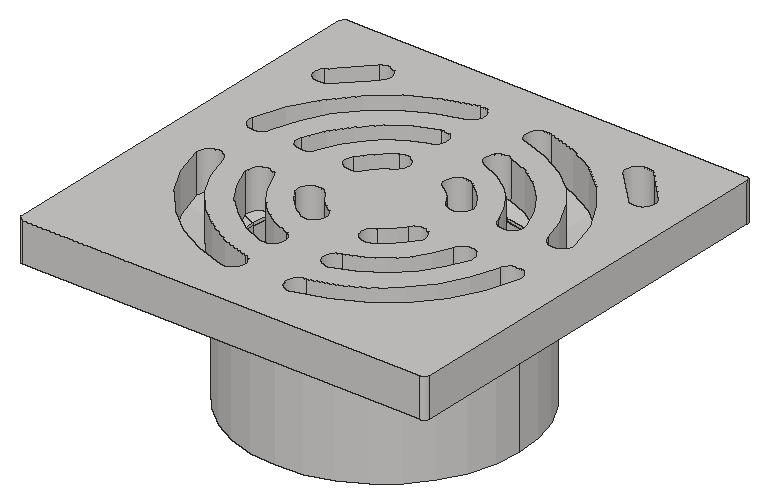
Revit family "PlumbingFixture_Grate_Galvin_G150S-Th", category Plumbing Fixtures, host Face, Revit 2011
Parameters (values of type "302745X - ST/ST 316")
  URL = "www.galvinengineering.com.au"
  Type Comments = "Square"
  StyleOrType_ANZRS = "Grate"
  ModifiedIssue_ANZRS = 20140526.01  # constant formula
  Model = "302745X - ST/ST 316"
  Manufacturer = "Galvin Engineering"
  Keynote = "10800"
  Instructions = "http://www.galvinengineering.com.au/Installation_Guides_1.aspx"
  GrateMaterial = Metal_Drains_Stainless-Steel_15400
  FilterObject_ANZRS = "GS-Th"
  OutletRadius_DoNotEdit = 50 mm
  DimTop = 150 mm  # constant formula
  DimOutlet = if(OutletRadius_DoNotEdit > 0 mm, (OutletRadius_DoNotEdit * 2), (OutletRadius_DoNotEdit * 2))  # 100 mm
  DimHeight = 66 mm  # constant formula
  DimDepth = 40 mm  # constant formula
  Description = "Square Threaded Floor Drain - Grate Assembly"
  Default Elevation = 0 mm
  CreatedBy_ANZRS = "Galvin Engineering"
  CreatedByURL_ANZRS = "www.galvinengineering.com.au"
  CreatedByPhoneNo_ANZRS = "61-8-92495900"
  Circulation_ANZRS = yes
  CHWFlow_ANZRS = 3.7 L/s
  BodyMaterial = Metal_Drains_Stainless-Steel-Threaded_15400
  Assembly Code = "D2040200"
Reference planes
  plane 1 "Center (Front/Back)": y = 0
  plane 2 "Face": z = 0
  plane 3 "Center (Left/Right)": x = 0
  plane 4 "Left": x = -75
  plane 5 "Right": x = 75
  plane 6 "Bottom": z = -66
  plane 7: z = -26
Forms (mm)
  Revolve 1, solid, material "Metal_Drains_Stainless-Steel_15400" <- "GrateMaterial"
    sketch origin (0, 0, 0) x (1, 0, 0) y (0, 0, 1)
      loop
        line (48.5, -26) -> (50, -26) -> (74.5, -14.2) -> (71.043, -14.2) -> (48.5, -25.058) -> (48.5, -26)
      axis (0, -14.2) -> (0, -26)
    angle from 0 to 360
  Extrusion 2, solid, material "Metal_Drains_Stainless-Steel_15400" <- "GrateMaterial"
    sketch origin (0, 0, 0) x (1, 0, 0) y (0, 1, 0)
      loop
        line (-75, 73) -> (-75, -73)
        arc (-75, -73) -> (-74.414, -74.414) -> (-73, -75) r 2
        line (-73, -75) -> (73, -75)
        arc (73, -75) -> (74.414, -74.414) -> (75, -73) r 2
        line (75, -73) -> (75, 73)
        arc (75, 73) -> (74.414, 74.414) -> (73, 75) r 2
        line (73, 75) -> (-73, 75)
        arc (-73, 75) -> (-74.414, 74.414) -> (-75, 73) r 2
      loop
        arc (-49.999, 60.101) -> (-55.83, 54.673) -> (-61.081, 48.683) r 78.5
        arc (-61.081, 48.683) -> (-60.342, 42.362) -> (-54.021, 43.101) r 4.5
        arc (-54.021, 43.101) -> (-49.372, 48.405) -> (-44.209, 53.21) r 69.5
        arc (-44.209, 53.21) -> (-43.659, 59.55) -> (-49.999, 60.101) r 4.5
      loop
        arc (-12.565, 59.584) -> (-42.634, 43.134) -> (-59.084, 13.065) r 61
        arc (-59.084, 13.065) -> (-55.653, 7.706) -> (-50.293, 11.138) r 4.5
        arc (-50.293, 11.138) -> (-36.27, 36.77) -> (-10.638, 50.793) r 52
        arc (-10.638, 50.793) -> (-7.206, 56.153) -> (-12.565, 59.584) r 4.5
      loop
        arc (-12.432, 41.533) -> (-30.259, 30.759) -> (-41.033, 12.932) r 43.5
        arc (-41.033, 12.932) -> (-38.074, 7.298) -> (-32.44, 10.257) r 4.5
        arc (-32.44, 10.257) -> (-23.895, 24.395) -> (-9.757, 32.94) r 34.5
        arc (-9.757, 32.94) -> (-6.798, 38.574) -> (-12.432, 41.533) r 4.5
      loop
        arc (-12.846, 22.894) -> (-18.238, 18.738) -> (-22.394, 13.346) r 26.5
        arc (-22.394, 13.346) -> (-20.773, 7.192) -> (-14.619, 8.813) r 4.5
        arc (-14.619, 8.813) -> (-11.874, 12.374) -> (-8.313, 15.119) r 17.5
        arc (-8.313, 15.119) -> (-6.692, 21.273) -> (-12.846, 22.894) r 4.5
      loop
        arc (62.081, 48.683) -> (56.83, 54.673) -> (50.999, 60.101) r 78.5
        arc (50.999, 60.101) -> (44.659, 59.55) -> (45.209, 53.21) r 4.5
        arc (45.209, 53.21) -> (50.372, 48.405) -> (55.021, 43.101) r 69.5
        arc (55.021, 43.101) -> (61.342, 42.362) -> (62.081, 48.683) r 4.5
      loop
        arc (60.084, 13.065) -> (43.634, 43.134) -> (13.565, 59.584) r 61
        arc (13.565, 59.584) -> (8.206, 56.153) -> (11.638, 50.793) r 4.5
        arc (11.638, 50.793) -> (37.27, 36.77) -> (51.293, 11.138) r 52
        arc (51.293, 11.138) -> (56.653, 7.706) -> (60.084, 13.065) r 4.5
      loop
        arc (42.033, 12.932) -> (31.259, 30.759) -> (13.432, 41.533) r 43.5
        arc (13.432, 41.533) -> (7.798, 38.574) -> (10.757, 32.94) r 4.5
        arc (10.757, 32.94) -> (24.895, 24.395) -> (33.44, 10.257) r 34.5
        arc (33.44, 10.257) -> (39.074, 7.298) -> (42.033, 12.932) r 4.5
      loop
        arc (23.394, 13.346) -> (19.238, 18.738) -> (13.846, 22.894) r 26.5
        arc (13.846, 22.894) -> (7.692, 21.273) -> (9.313, 15.119) r 4.5
        arc (9.313, 15.119) -> (12.874, 12.374) -> (15.619, 8.813) r 17.5
        arc (15.619, 8.813) -> (21.773, 7.192) -> (23.394, 13.346) r 4.5
      loop
        arc (13.565, -59.584) -> (43.634, -43.134) -> (60.084, -13.065) r 61
        arc (60.084, -13.065) -> (56.653, -7.706) -> (51.293, -11.138) r 4.5
        arc (51.293, -11.138) -> (37.27, -36.77) -> (11.638, -50.793) r 52
        arc (11.638, -50.793) -> (8.206, -56.153) -> (13.565, -59.584) r 4.5
      loop
        arc (13.432, -41.533) -> (31.259, -30.759) -> (42.033, -12.932) r 43.5
        arc (42.033, -12.932) -> (39.074, -7.298) -> (33.44, -10.257) r 4.5
        arc (33.44, -10.257) -> (24.895, -24.395) -> (10.757, -32.94) r 34.5
        arc (10.757, -32.94) -> (7.798, -38.574) -> (13.432, -41.533) r 4.5
      loop
        arc (9.313, -15.119) -> (7.692, -21.273) -> (13.846, -22.894) r 4.5
        arc (13.846, -22.894) -> (19.238, -18.738) -> (23.394, -13.346) r 26.5
        arc (23.394, -13.346) -> (21.773, -7.192) -> (15.619, -8.813) r 4.5
        arc (15.619, -8.813) -> (12.874, -12.374) -> (9.313, -15.119) r 17.5
      loop
        arc (-22.394, -13.346) -> (-18.238, -18.738) -> (-12.846, -22.894) r 26.5
        arc (-12.846, -22.894) -> (-6.692, -21.273) -> (-8.313, -15.119) r 4.5
        arc (-8.313, -15.119) -> (-11.874, -12.374) -> (-14.619, -8.813) r 17.5
        arc (-14.619, -8.813) -> (-20.773, -7.192) -> (-22.394, -13.346) r 4.5
      loop
        arc (-41.033, -12.932) -> (-30.259, -30.759) -> (-12.432, -41.533) r 43.5
        arc (-12.432, -41.533) -> (-6.798, -38.574) -> (-9.757, -32.94) r 4.5
        arc (-9.757, -32.94) -> (-23.895, -24.395) -> (-32.44, -10.257) r 34.5
        arc (-32.44, -10.257) -> (-38.074, -7.298) -> (-41.033, -12.932) r 4.5
      loop
        arc (-59.084, -13.065) -> (-42.634, -43.134) -> (-12.565, -59.584) r 61
        arc (-12.565, -59.584) -> (-7.206, -56.153) -> (-10.638, -50.793) r 4.5
        arc (-10.638, -50.793) -> (-36.27, -36.77) -> (-50.293, -11.138) r 52
        arc (-50.293, -11.138) -> (-55.653, -7.706) -> (-59.084, -13.065) r 4.5
    from 0 to -14.2
  Extrusion 3, solid, material "Metal_Drains_Stainless-Steel-Threaded_15400" <- "BodyMaterial"
    sketch origin (0, 0, 0) x (1, 0, 0) y (0, 1, 0)
      loop
        circle (0, 0) r 50
      loop
        circle (0, 0) r 48.5
    from -26 to -66
  Revolve 4, void
    sketch origin (0, 0, 0) x (1, 0, 0) y (0, 0, 1)
      loop
        line (74.5, -14.2) -> (0, -14.2) -> (0, -66) -> (50, -66) -> (50, -26) -> (74.5, -14.2)
      axis (0, -14.2) -> (0, -66)
    angle from 0 to 360
  Extrusion 5, void
    sketch origin (0, 0, 0) x (1, 0, 0) y (0, 1, 0)
      loop
        line (-75, 73) -> (-75, -73)
        arc (-75, -73) -> (-74.414, -74.414) -> (-73, -75) r 2
        line (-73, -75) -> (73, -75)
        arc (73, -75) -> (74.414, -74.414) -> (75, -73) r 2
        line (75, -73) -> (75, 73)
        arc (75, 73) -> (74.414, 74.414) -> (73, 75) r 2
        line (73, 75) -> (-73, 75)
        arc (-73, 75) -> (-74.414, 74.414) -> (-75, 73) r 2
    from 0 to -14.2
Lines and regions (mm)
  symbolic lines, style "Waste Outlets"
    curve 1: line (65, 68, 0) -> (-65, 68, 0)
    curve 2: arc (-65, 68, 0) -> (-67.121, 67.121, 0) -> (-68, 65, 0) r 3
    curve 3: line (-68, 65, 0) -> (-68, -65, 0)
    curve 4: arc (-68, -65, 0) -> (-67.121, -67.121, 0) -> (-65, -68, 0) r 3
    curve 5: line (-65, -68, 0) -> (65, -68, 0)
    curve 6: arc (65, -68, 0) -> (67.121, -67.121, 0) -> (68, -65, 0) r 3
    curve 7: line (68, -65, 0) -> (68, 65, 0)
    curve 8: arc (68, 65, 0) -> (67.121, 67.121, 0) -> (65, 68, 0) r 3
    curve 15: circle (-58.5, -59, 0) r 5.67 normal (0, 0, 1)
    curve 17: circle (59.5, -59, 0) r 5.67 normal (0, 0, 1)
  symbolic lines, style "Waste Outlets", detail levels fine
    curve 9: line (-67, 65.5, 0) -> (67, 65.5, 0)
    curve 10: line (-67, 65.5, 0) -> (-67, -65, 0)
    curve 11: line (-65, -67, 0) -> (65, -67, 0)
    curve 12: arc (-67, -65, 0) -> (-66.414, -66.414, 0) -> (-65, -67, 0) r 2
    curve 13: arc (65, -67, 0) -> (66.414, -66.414, 0) -> (67, -65, 0) r 2
    curve 14: line (67, -65, 0) -> (67, 65.5, 0)
  symbolic lines, style "Waste Outlets", detail levels medium+fine
    curve 16: circle (-58.5, -59, 0) r 2.31 normal (0, 0, 1)
    curve 18: circle (59.5, -59, 0) r 2.31 normal (0, 0, 1)
Dimensions and locks
  "DimTop": plane 4 "Left" to plane 5 "Right"
  "DimHeight": plane 2 "Face" to plane 6 "Bottom"
  "DimDepth": plane 7 to plane 6 "Bottom"
  aligned and locked: plane 2 "Face" to host face
  aligned and locked: level to host face
Automatic sketch dimensions
  host sketch curve to host sketch curve = 400 mm  (x2)
  Extrusion 3 sketch curve to Extrusion 3 sketch curve = 0 mm  (x2)
  plane 1 "Center (Front/Back)" to Extrusion 3 sketch curve = 0 mm
  Extrusion 3 sketch curve to plane 3 "Center (Left/Right)" = 0 mm
  Extrusion 2 sketch curve to plane 4 "Left" = 0 mm
  Extrusion 2 sketch curve to plane 5 "Right" = 0 mm
  Extrusion 2 sketch curve to plane 4 "Left" = 2 mm
  Extrusion 2 sketch curve to Extrusion 2 sketch curve = 2 mm
  Extrusion 2 sketch curve to plane 5 "Right" = 2 mm  (x2)
  plane 1 "Center (Front/Back)" to Extrusion 2 sketch curve = 75 mm
  Extrusion 2 sketch curve to plane 1 "Center (Front/Back)" = 73 mm
  Extrusion 2 sketch curve to Extrusion 2 sketch curve = 0 mm  (x98)
  plane 1 "Center (Front/Back)" to Extrusion 2 sketch curve = 0 mm
  Extrusion 2 sketch curve to plane 4 "Left" = 13.919 mm
  Extrusion 2 sketch curve to Extrusion 2 sketch curve = 3.53 mm  (x2)
  Extrusion 2 sketch curve to Extrusion 2 sketch curve = 11.082 mm
  Extrusion 2 sketch curve to Extrusion 2 sketch curve = 2.895 mm  (x2)
  Extrusion 2 sketch curve to Extrusion 2 sketch curve = 29.899 mm  (x2)
  Extrusion 2 sketch curve to plane 4 "Left" = 15.916 mm  (x2)
  Extrusion 2 sketch curve to Extrusion 2 sketch curve = 4.396 mm  (x4)
  Extrusion 2 sketch curve to plane 3 "Center (Left/Right)" = 12.565 mm  (x2)
  Extrusion 2 sketch curve to Extrusion 2 sketch curve = 0.964 mm  (x4)
  Extrusion 2 sketch curve to plane 1 "Center (Front/Back)" = 11.138 mm  (x2)
  Extrusion 2 sketch curve to Extrusion 2 sketch curve = 9.26 mm  (x2)
  Extrusion 2 sketch curve to Extrusion 2 sketch curve = 4.297 mm  (x4)
  Extrusion 2 sketch curve to Extrusion 2 sketch curve = 1.795 mm
  Extrusion 2 sketch curve to Extrusion 2 sketch curve = 1.338 mm  (x4)
  Extrusion 2 sketch curve to plane 1 "Center (Front/Back)" = 10.257 mm  (x2)
  Extrusion 2 sketch curve to Extrusion 2 sketch curve = 10.046 mm  (x2)
  Extrusion 2 sketch curve to Extrusion 2 sketch curve = 3.888 mm  (x4)
  Extrusion 2 sketch curve to Extrusion 2 sketch curve = 3.089 mm
  Extrusion 2 sketch curve to Extrusion 2 sketch curve = 2.266 mm  (x4)
  Extrusion 2 sketch curve to plane 1 "Center (Front/Back)" = 8.813 mm  (x2)
  Extrusion 2 sketch curve to plane 5 "Right" = 29.791 mm
  Extrusion 2 sketch curve to Extrusion 2 sketch curve = 9.812 mm
  plane 3 "Center (Left/Right)" to Extrusion 2 sketch curve = 11.638 mm  (x2)
  Extrusion 2 sketch curve to plane 5 "Right" = 23.707 mm
  plane 3 "Center (Left/Right)" to Extrusion 2 sketch curve = 10.757 mm  (x2)
  Extrusion 2 sketch curve to Extrusion 2 sketch curve = 17.853 mm  (x2)
  plane 3 "Center (Left/Right)" to Extrusion 2 sketch curve = 9.313 mm  (x2)
  Extrusion 2 sketch curve to Extrusion 2 sketch curve = 6.305 mm  (x2)
  plane 1 "Center (Front/Back)" to Extrusion 2 sketch curve = 11.138 mm
  plane 1 "Center (Front/Back)" to Extrusion 2 sketch curve = 13.346 mm
  Extrusion 2 sketch curve to plane 3 "Center (Left/Right)" = 22.394 mm
  Extrusion 2 sketch curve to plane 3 "Center (Left/Right)" = 12.846 mm
  Extrusion 2 sketch curve to Extrusion 2 sketch curve = 18.639 mm  (x2)
  Extrusion 2 sketch curve to plane 3 "Center (Left/Right)" = 12.432 mm
  Extrusion 2 sketch curve to Extrusion 2 sketch curve = 18.051 mm
  Revolve 1 sketch curve to plane 3 "Center (Left/Right)" = 0 mm
  Revolve 1 sketch curve to plane 7 = 0.942 mm
  Revolve 1 sketch curve to plane 5 "Right" = 26.5 mm
  plane 7 to Revolve 1 sketch curve = 0 mm
  Revolve 1 sketch curve to Revolve 1 sketch curve = 1.5 mm
  Revolve 1 sketch curve to plane 5 "Right" = 3.957 mm
  Revolve 1 sketch curve to plane 5 "Right" = 0.5 mm
  plane 6 "Bottom" to Revolve 1 sketch curve = 16.509 mm
  Revolve 1 sketch curve to plane 7 = 11.8 mm
  level to Revolve 1 sketch curve = 22.491 mm
  Revolve 4 sketch curve to plane 3 "Center (Left/Right)" = 0 mm  (x2)
  Revolve 4 sketch curve to plane 6 "Bottom" = 0 mm
  Revolve 4 sketch curve to plane 7 = 0 mm
  Revolve 4 sketch curve to plane 5 "Right" = 25 mm
  Revolve 4 sketch curve to plane 5 "Right" = 0.5 mm
  plane 6 "Bottom" to Revolve 4 sketch curve = 16.509 mm
  Revolve 4 sketch curve to plane 7 = 11.8 mm
  level to Revolve 4 sketch curve = 22.491 mm
  Extrusion 5 sketch curve to plane 4 "Left" = 0 mm
  Extrusion 5 sketch curve to plane 5 "Right" = 0 mm
  Extrusion 5 sketch curve to Extrusion 5 sketch curve = 2 mm  (x2)
  Extrusion 5 sketch curve to plane 5 "Right" = 2 mm  (x2)
  plane 1 "Center (Front/Back)" to Extrusion 5 sketch curve = 75 mm
  Extrusion 5 sketch curve to plane 1 "Center (Front/Back)" = 73 mm
  curve 3 to plane 4 "Left" = 7 mm
  curve 3 to curve 5 = 3 mm
  curve 3 to curve 1 = 3 mm
  curve 1 to plane 5 "Right" = 10 mm
  curve 5 to plane 5 "Right" = 10 mm
  curve 6 to curve 6 = 3 mm
  plane 1 "Center (Front/Back)" to curve 5 = 68 mm
  curve 2 to plane 1 "Center (Front/Back)" = 65 mm
  curve 3 to curve 10 = 1 mm
  curve 3 to curve 10 = 0 mm
  curve 3 to curve 10 = 0.5 mm
  curve 4 to curve 12 = 0 mm
  curve 11 to curve 5 = 0 mm
  curve 6 to curve 13 = 0 mm
  radius of Extrusion 3 sketch curve = 50 mm
  radius of Extrusion 3 sketch curve = 48.5 mm
Connectors
  piping at (0, 0, -66), driven by "OutletRadius_DoNotEdit"
    settings: on Extrusion 3, index 1, connector radius 1.9685", flow factor 0, pipe flow 0.0 L/s, pressure drop 0.00 psi, fitting loss kfactor 0, connector angle 0.00°, fixture units 0, engagement length 0 mm, flow configuration 0, flow direction 0, fitting loss method 0, system type 28, joint type 0, gender type 0, connector reference index -1, connector utility 0, adjustable connector no, is connector primary yes, fitting loss table "", connector description ""
